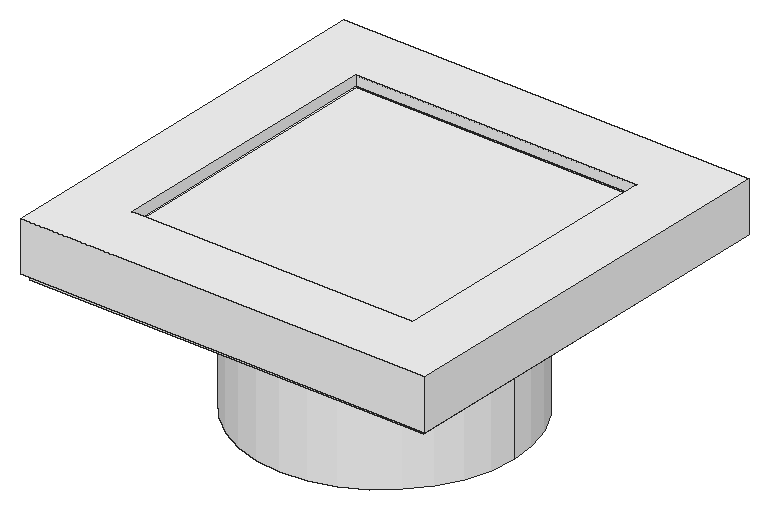
Revit family "Gira_014028", category Electrical Fixtures, host Face, Revit 2017
Family settings
  Host = Face
  Maintain Annotation Orientation = Yes
  Round Connector Dimension = Use Diameter
  Part Type = Normal
  Cut with Voids When Loaded = No
  Shared = No
  Room Calculation Point = No
Parameters (values of type "Hotel-card btn 2-way m-c (ill.) in.sp. System 55 anthra.")
  With lighting = "No"
  White [instance] = White
  URL = "http://katalog.gira.de/en/datenblatt.html?artikelnr=014028"
  Type of fastening = "Mounting with claw and screw"
  Transparent = "No"
  Surface protection = "Other"
  Suitable for degree of protection (IP) = "IP20"
  Rated current = "10"
  Number of rockers = "1"
  Nominal voltage = "250"
  Name = "Hotel-card btn 2-way m-c (ill.) in.sp. System 55 anthra."
  Mounting method = "Flush mounted (plaster)"
  Model = "Single push button"
  Method of operation = "Hotel card"
  Material quality = "Thermoplastic"
  Material = "Plastic"
  Manufacturer URL = "https://www.gira.de/"
  Manufacturer = "Gira"
  Label space/information surface = "Yes"
  Imprint = "None"
  HeinzeBIM = "https://bimportal.heinze.de/bim/hotel-card-btn-2-way-m-c-ill-in-sp-system-55-anthra-/6139bc2abc6844f1ff9afd430b487648eef84ca6"
  Halogen free = "Yes"
  HAN = "014028"
  GTIN = "4010337140283"
  Feedback-signal contact = "No"
  Description = "Hotel-crd 2-w m-c cbi in.sp. Sys55 AN,Hotel-card button 10 AX 250 V~ can be illuminated with inscription space,2-way momentary-contact, 1-pole,anthracite,Features:,- Applications of the hotel-card button with disassembly safeguard include performing security and energy-saving functions.,- When the hotel card is removed, any devices which are still switched on are deactivated.,- The electric circuit via the push button is only activated when the card has been inserted.,,Notes :,- Further versions are available upon request."
  Default Elevation = 1219.2 mm
  Data sheet (1) = "https://katalog.gira.de/en/download.html?artikelnr=014028"
  Contacts = "1 change-over contact"
  Colour = "Anthracite"
  Category = "Push-switch button"
  BIM (1) = "https://media.stage.bim.site/public/gira/36a6b08/Sys55_Komplettgerät_Schalten und Tasten.rfa?public/gira/36a6b08/Sys55_Komplettgerät_Schalten und Tasten.rfa"
  Available = "No"
  Assembly arrangement = "Basic element with central cover plate"
Reference planes
  plane 1 "Center (Front/Back)": y = 0
  plane 2: z = 0
  plane 3 "Center (Left/Right)": x = 0
Forms (mm)
  Extrusion 1, solid, material "White" <- "White", detail levels medium
    sketch origin (0, 0, 0) x (1, 0, 0) y (0, 1, 0)
      loop
        line (-40.4, 40.4) -> (-40.4, -40.4) -> (40.4, -40.4) -> (40.4, 40.4) -> (-40.4, 40.4)
      loop
        line (-28, 28) -> (-28, -28) -> (28, -28) -> (28, 28) -> (-28, 28)
    from 0 to 10
  Extrusion 2, solid, material "White" <- "White", detail levels fine
    sketch origin (0, 0, 0) x (1, 0, 0) y (0, 1, 0)
      loop
        line (-40.4, 40.4) -> (-40.4, -40.4) -> (40.4, -40.4) -> (40.4, 40.4) -> (-40.4, 40.4)
      loop
        line (-28, 28) -> (-28, -28) -> (28, -28) -> (28, 28) -> (-28, 28)
    from 0 to 10
  Extrusion 3, void
    sketch origin (0, 0, 0) x (1, 0, 0) y (0, 1, 0)
      loop
        line (-38.4, 38.4) -> (-38.4, -38.4) -> (38.4, -38.4) -> (38.4, 38.4) -> (-38.4, 38.4)
    from 0 to 8
  Extrusion 4, solid, material "White" <- "White", detail levels medium+fine
    sketch origin (0, 0, 0) x (1, 0, 0) y (0, 1, 0)
      loop
        line (-39.4, 39.4) -> (-39.4, -39.4) -> (39.4, -39.4) -> (39.4, 39.4) -> (-39.4, 39.4)
    from 0 to -1
  Extrusion 5, solid, material "White" <- "White", detail levels medium+fine
    sketch origin (0, 0, 0) x (1, 0, 0) y (0, 1, 0)
      loop
        line (-35.5, 35.5) -> (-35.5, -35.5) -> (35.5, -35.5) -> (35.5, 35.5) -> (-35.5, 35.5)
    from -2 to -3
  Extrusion 6, solid, material "White" <- "White", detail levels medium+fine
    sketch origin (0, 0, 0) x (1, 0, 0) y (0, 1, 0)
      loop
        circle (0, 0) r 26
    from 0 to -27.5
  Extrusion 7, solid, material "White" <- "White", detail levels coarse
    sketch origin (0, 0, 0) x (1, 0, 0) y (0, 1, 0)
      loop
        line (-40.4, 40.4) -> (-40.4, -40.4) -> (40.4, -40.4) -> (40.4, 40.4) -> (-40.4, 40.4)
    from -27.5 to 10
Cuts and joins
  Extrusion 3 cuts Extrusion 2
Dimensions and locks
  aligned and locked: plane 2 to host face
  aligned and locked: level to host face
  aligned and locked: plane 3 "Center (Left/Right)" to nested 2
  aligned and locked: plane 1 "Center (Front/Back)" to nested 2
Nested families
  nested 1: "Sys55_Abdeckung_Schalten und Tasten_floor_base" at (0, 0, 0), type "Sys55_Abdeckung_Schalten und Tasten_floor_base"
  nested 2: "Schalter" at (0, 0, 0), type "Schalter"
Connectors
  electrical at (0, 0, -27.5)
    settings: on Extrusion 6, index 1, voltage 220 V, apparent load 0 VA, apparent load phase1 0 VA, apparent load phase2 0 VA, apparent load phase3 0 VA, power factor 1, load classification "Other", number of poles 1, system type 30, power factor state 1, is connector primary yes, connector utility no, sub classification motor no, connector description ""
Definition of nested family "Sys55_Abdeckung_Schalten und Tasten_floor_base"
  Parameters
    Default Elevation = 1219.2 mm
    White [instance] = none
  Reference planes
    plane 1 "Center (Front/Back)": y = 0
    plane 2: z = 0
    plane 3 "Center (Left/Right)": x = 0
  Forms (mm)
    Extrusion 1, solid
      sketch origin (0, 0, 0) x (1, 0, 0) y (0, 1, 0)
        loop
          line (-1219.2, 1219.2) -> (-1219.2, -1219.2) -> (1219.2, -1219.2) -> (1219.2, 1219.2) -> (-1219.2, 1219.2)
      from 0 to -304.8
    Extrusion 2, solid, material <- "White", detail levels fine
      sketch origin (0, 0, 0) x (1, 0, 0) y (0, 1, 0)
        loop
          line (-27.5, 27.5) -> (-27.5, -27.5) -> (27.5, -27.5) -> (27.5, 27.5) -> (-27.5, 27.5)
      from 0 to 8
    Extrusion 3, void
      sketch origin (0, 0, 0) x (1, 0, 0) y (0, 1, 0)
        loop
          line (26, 26) -> (-26, 26) -> (-26, -26) -> (26, -26) -> (26, 26)
      from 0 to 6
    Extrusion 4, solid, material <- "White", detail levels medium
      sketch origin (0, 0, 0) x (1, 0, 0) y (0, 1, 0)
        loop
          line (-27.5, 27.5) -> (-27.5, -27.5) -> (27.5, -27.5) -> (27.5, 27.5) -> (-27.5, 27.5)
      from 0 to 8
    Extrusion 5, solid, material <- "White", detail levels medium
      sketch origin (0, 0, 0) x (1, 0, 0) y (0, 1, 0)
        loop
          line (11, -17.5) -> (11, 17.5) -> (-11, 17.5) -> (-11, -17.5) -> (11, -17.5)
      from -6 to 6
    Extrusion 6, solid, material <- "White", detail levels fine
      sketch origin (0, 0, 0) x (1, 0, 0) y (0, 1, 0)
        loop
          line (11, 17.5) -> (-11, 17.5) -> (-11, 16.5) -> (11, 16.5) -> (11, 17.5)
        loop
          line (-11, -16.5) -> (-11, -17.5) -> (11, -17.5) -> (11, -16.5) -> (-11, -16.5)
      from -4 to 6
    Extrusion 7, solid, material <- "White", detail levels fine
      sketch origin (0, 0, 0) x (1, 0, 0) y (0, 1, 0)
        loop
          arc (5, 9.347) -> (0, 10.6) -> (-5, 9.347) r 10.6
          line (-5, 9.347) -> (-5, -9.347)
          arc (-5, -9.347) -> (0, -10.6) -> (5, -9.347) r 10.6
          line (5, -9.347) -> (5, 9.347)
      from -6 to 6
    Extrusion 8, solid, material <- "White", detail levels coarse
      sketch origin (0, 0, 0) x (1, 0, 0) y (0, 1, 0)
        loop
          line (-27.5, 27.5) -> (-27.5, -27.5) -> (27.5, -27.5) -> (27.5, 27.5) -> (-27.5, 27.5)
      from -6 to 8
  Cuts and joins
    Extrusion 3 cuts Extrusion 2
  Dimensions and locks
    aligned and locked: plane 2 to Extrusion 1
    aligned and locked: level to Extrusion 1
Definition of nested family "Schalter"
  Reference planes
    plane 1: y = 0
    plane 2: x = 0
  Lines and regions (mm)
    detail lines
      curve 1: circle (1.375, 2.778, 0) r 0.8 normal (0, 0, 1)
      curve 2: line (1.021, 2.061, 0) -> (0, 0, 0)
      curve 3: line (0, 0, 0) -> (-0.538, 0.266, 0)
  Dimensions and locks
    curve 2 to curve 2 = 2.3 mm
    curve 3 to curve 2 = 0.6 mm
    radius of curve 1 = 0.8 mm
